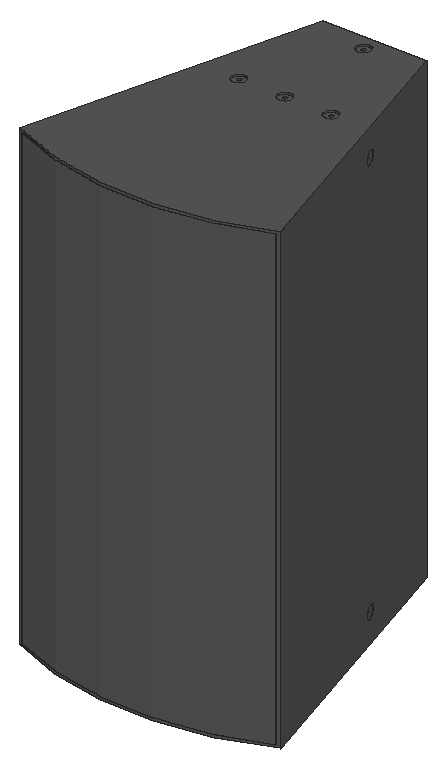
Revit family "1Electronics_Community-Point-Source_Biamp_Loudspeaker_IP8_1153", category Communication Devices, host Face, Revit 2020
Family settings
  Host = Face
  Maintain Annotation Orientation = No
  Round Connector Dimension = Use Diameter
  Part Type = Normal
  OmniClass Number = 23.85.10.11.14.14.14
  Cut with Voids When Loaded = No
  Shared = No
  Room Calculation Point = No
Parameters (values of type "Please download type catalogue!")
  Width = 1' - 10 13/128"  # constant formula
  Weight = 105.00 lbf  # constant formula
  URL = "https://www.biamp.com/"
  Transducers = "LF – 1 x 15 (381mm) neodymium motor woofer, 3 (76mm) voice coil, demodulation ring; MF - M200HP, 2 exit, ketone polymer diaphragm, compression driver; HF – 1 x 1.4 (36mm) exit neodymium compression driver, 2.6 (66mm) voice coil, demodulation ring, ketone polymer diaphragm"  # constant formula
  Shipping Weight = 124.00 lbf  # constant formula
  Recommended Amplifiers = "LF - 600W - 1200W @ 8 ohms, (69V - 98V); MF - 150W - 300W @ 8 ohms (35V - 49V); HF - 125W - 250W @ 8 ohms (32V - 45V); MF/HF - 275W - 550W @ 8 ohms (47V - 66V)"  # constant formula
  Product data url = "https://www.bimobject.com/biamp/product/ip8-1153_community-point-source"
  Product Page URL = "https://www.biamp.com/products/product-families/community/point-source#ip8-1153"
  Product Documentation Link = "https://www.biamp.com/products/product-families/community/point-source#ip8-1153"
  Operating Range = ""
  Operating Mode = "Biamp or Triamp with DSP"  # constant formula
  Operating Environment = "Indoor"  # constant formula
  Nominal Sensitivity = ""
  Nominal Maximum SPL (Whole Space) = ""
  Nominal Beamwidth (H x V) = ""
  Mounting Points = "15"  # constant formula
  Model = ""
  Manufacturer = "Biamp"  # constant formula
  Input Connection = "Screw terminal blocks (6-position)"  # constant formula
  Housing Material = Biamp - Plastic - Black
  Height = 3' - 3"  # constant formula
  Gril Material = Biamp - Plastic - Black(Grid)
  Equalized Sensitivity = "1W: 93 dB - 2.83V: 93 dB"  # constant formula
  Equalized Maximum SPL = "Peak: 127 dB - Continuous: 121 dB"  # constant formula
  Environmental = "MIL-STD-810G"  # constant formula
  Description = "IP8-1153 High Power 15-Inch Three-Way Installation Loudspeaker"  # constant formula
  Depth = 2' - 2.29921"  # constant formula
  Default Elevation = 4' - 0"
  Continuous Power Handling  Nominal Impedance = "LF - 69V, 600W @ 8 ohms (2400W peak); MF - 35V, 150W @ 8 ohms (600W peak); HF - 32V, 125W @ 8 ohms (500W peak); MF/HF - 47V, 275W @ 8 ohms (1100W peak)"  # constant formula
Reference planes (in)
  plane 1 "Center (Front/Back)": y = 0
  plane 2: z = 0
  plane 3 "Center (Left/Right)": x = 0
  plane 4: y = 9.59333
Forms (in)
  Extrusion 1, solid, material "Biamp - Plastic - Black" <- "Housing Material", detail levels medium+fine
    sketch origin (0.03809, 0, 0) x (1, 0, 0) y (0, 1, 0)
      loop
        arc (-11.08671, -14.10519) -> (-0.06094, -16.70646) -> (11.01191, -14.31345) r 25.69511
        line (11.01191, -14.31345) -> (4.20482, 9.59333) -> (-4.5268, 9.59333) -> (-11.08671, -14.10519)
    from 0 to 39
  Extrusion 2, void
    sketch origin (0.03809, -0.14197, 0) x (1, 0, 0) y (0, 1, 0)
      loop
        arc (10.67354, -14.10998) -> (-0.06104, -16.36763) -> (-10.75079, -13.90642) r 25.49826
        line (-10.75079, -13.90642) -> (-10.80409, -14.099)
        arc (-10.80409, -14.099) -> (-0.06025, -16.5645) -> (10.72802, -14.30135) r 25.69511
        line (10.72802, -14.30135) -> (10.67354, -14.10998)
    from 0.19685 to 38.80315
  Extrusion 3, void
    sketch origin (0, 0, 39) x (0, 1, 0) y (1, 0, 0)
      loop
        circle (0, -3.88574) r 0.59055
      loop
        circle (0, 0) r 0.59055
      loop
        circle (0, 3.88574) r 0.59055
      loop
        circle (8.26772, 0) r 0.59055
    from 0.09843 to 0
  Extrusion 4, void
    sketch origin (0, 0, 39) x (0, 1, 0) y (1, 0, 0)
      loop
        circle (0, -3.88574) r 0.15748
      loop
        circle (0, 0) r 0.15748
      loop
        circle (0, 3.88574) r 0.15748
      loop
        circle (8.26772, 0) r 0.15748
    from 0.19685 to 0.09843
  Extrusion 5, void
    sketch origin (4.55729, 8.48924, -0.11969) x (-0.27385, 0.961772, 0) y (0, 0, -1)
      loop
        circle (-8.43473, -2.47439) r 0.59055
      loop
        circle (-8.43473, -36.76499) r 0.59055
    from 0 to 0.09843
  Extrusion 6, void
    sketch origin (4.55729, 8.48924, -0.11969) x (-0.27385, 0.961772, 0) y (0, 0, -1)
      loop
        circle (-8.43473, -2.47439) r 0.15748
      loop
        circle (-8.43473, -36.76499) r 0.15748
    from 0.09843 to 0.19685
  Extrusion 7, void
    sketch origin (-9.2974, -7.77869, -0.01138) x (-0.266775, -0.963759, 0) y (0, 0, -1)
      loop
        circle (-8.58908, -2.3454) r 0.59055
      loop
        circle (-8.58908, -36.67736) r 0.59055
    from 0 to 0.09843
  Extrusion 8, void
    sketch origin (-9.2974, -7.77869, -0.01138) x (-0.266775, -0.963759, 0) y (0, 0, -1)
      loop
        circle (-8.58908, -2.3454) r 0.15748
      loop
        circle (-8.58908, -36.67736) r 0.15748
    from 0.09843 to 0.19685
  Extrusion 9, solid, material "Biamp - Plastic - Black(Grid)" <- "Gril Material", detail levels medium+fine
    sketch origin (0.03809, -0.14197, 0) x (1, 0, 0) y (0, 1, 0)
      loop
        arc (-10.8041, -14.09899) -> (-0.06025, -16.5645) -> (10.72802, -14.30135) r 25.69511
        line (10.72802, -14.30135) -> (10.67354, -14.10998)
        arc (10.67354, -14.10998) -> (-0.06104, -16.36763) -> (-10.75079, -13.90642) r 25.49826
        line (-10.75079, -13.90642) -> (-10.8041, -14.09899)
    from 0.19685 to 38.80315
  Extrusion 10, void
    sketch origin (-2.66499, 9.59333, 0) x (-1, 0, 0) y (0, 0, -1)
      loop
        circle (-2.65672, -19.5) r 0.59055
      loop
        circle (-2.65672, -2.39197) r 0.59055
      loop
        circle (-2.65672, -36.60803) r 0.59055
    from 0 to 0.09843
  Extrusion 11, void
    sketch origin (-2.66499, 9.59333, 0) x (-1, 0, 0) y (0, 0, -1)
      loop
        circle (-2.65672, -19.4623) r 0.15748
      loop
        circle (-2.65672, -2.39197) r 0.15748
      loop
        circle (-2.65672, -36.60803) r 0.15748
    from 0 to 0.19685
  Extrusion 12, void
    sketch origin (-2.66499, 9.59333, 0) x (-1, 0, 0) y (0, 0, -1)
      loop
        line (-4.83035, -12.09383) -> (-0.49964, -12.09383) -> (-0.49964, -5.00722) -> (-4.83035, -5.00722) -> (-4.83035, -12.09383)
    from 0 to 0.19685
  Extrusion 13, solid, material "Biamp - Plastic - Black" <- "Housing Material", detail levels medium+fine
    sketch origin (-2.66499, 9.59333, 0) x (1, 0, 0) y (0, 0, -1)
      loop
        line (0.49964, -12.09383) -> (4.83035, -12.09383) -> (4.83035, -5.00722) -> (0.49964, -5.00722) -> (0.49964, -12.09383)
    from 0 to -0.19685
  Extrusion 14, solid, material "Biamp - Plastic - Black" <- "Housing Material", detail levels coarse
    sketch origin (0.03809, 0, 0) x (1, 0, 0) y (0, 1, 0)
      loop
        line (-4.5268, 9.59333) -> (-11.08671, -14.1052)
        arc (-11.08671, -14.1052) -> (-0.06094, -16.70647) -> (11.01191, -14.31346) r 25.69511
        line (11.01191, -14.31346) -> (4.20482, 9.59333) -> (-4.5268, 9.59333)
    from 0 to 39
  Extrusion 15, solid, material "Biamp - Plastic - Black" <- "Housing Material", detail levels medium+fine
    sketch origin (-2.66499, 9.59333, 0) x (1, 0, 0) y (0, 0, -1)
      loop
        line (4.46661, -11.73413) -> (4.46661, -11.23413) -> (3.96661, -11.23413) -> (3.96661, -11.73413) -> (4.46661, -11.73413)
    from 0 to 0.00716
  Extrusion 16, solid, material "Biamp - Plastic - Black" <- "Housing Material", detail levels medium+fine
    sketch origin (-3.77935, 9.59333, -1) x (1, 0, 0) y (0, 0, -1)
      loop
        line (4.46661, -11.73413) -> (4.46661, -11.23413) -> (3.96661, -11.23413) -> (3.96661, -11.73413) -> (4.46661, -11.73413)
    from 0 to 0.00716
  Extrusion 17, solid, material "Biamp - Plastic - Black" <- "Housing Material", detail levels medium+fine
    sketch origin (-2.66499, 9.59333, -1) x (1, 0, 0) y (0, 0, -1)
      loop
        line (4.46661, -11.73413) -> (4.46661, -11.23413) -> (3.96661, -11.23413) -> (3.96661, -11.73413) -> (4.46661, -11.73413)
    from 0 to 0.00716
Cuts and joins
  Extrusion 2, Extrusion 3, Extrusion 4, Extrusion 5, Extrusion 6, Extrusion 7, Extrusion 8, Extrusion 10, Extrusion 11, Extrusion 12 cuts Extrusion 1
Lines and regions (in)
  Masking region 1
    outline origin (0.03809, 0, 0) x (1, 0, 0) y (0, 1, 0)
      loop
        line (-4.5268, 9.59333) -> (-11.08671, -14.1052)
        arc (-11.08671, -14.1052) -> (-0.06094, -16.70647) -> (11.01191, -14.31346) r 25.69511
        line (11.01191, -14.31346) -> (4.20482, 9.59333) -> (-4.5268, 9.59333)
  Masking region 2
    outline origin (0, 0, 0) x (1, 0, 0) y (0, 0, 1)
      loop
        line (-11.05208, 39) -> (-11.05208, 0) -> (11.01841, 0) -> (11.01841, 39) -> (-11.05208, 39)
  Masking region 3, detail levels medium+fine
    outline origin (0, 0, 0) x (1, 0, 0) y (0, 0, 1)
      loop
        line (-10.87184, 38.80315) -> (-10.87184, 0.19685) -> (10.83751, 0.19685) -> (10.83751, 38.80315) -> (-10.87184, 38.80315)
  Masking region 4
    outline origin (0, 0, 0) x (0, 1, 0) y (0, 0, 1)
      loop
        line (9.59333, 39) -> (-13.98009, 39) -> (-13.98009, 0) -> (9.59333, 0) -> (9.59333, 39)
  Masking region 5
    outline origin (0, 0, 0) x (0, 1, 0) y (0, 0, 1)
      loop
        line (-13.98009, 39) -> (-16.53543, 39) -> (-16.53543, 0) -> (-13.98009, 0) -> (-13.98009, 39)
  symbolic lines, detail levels medium+fine
    curve 1: arc (-0.59055, 8.26772, 0) -> (0, 7.67717, 0) -> (0.59055, 8.26772, 0) r 0.59055
    curve 2: arc (0.59055, 8.26772, 0) -> (0, 8.85827, 0) -> (-0.59055, 8.26772, 0) r 0.59055
    curve 3: arc (-0.59055, 0, 0) -> (0, -0.59055, 0) -> (0.59055, 0, 0) r 0.59055
    curve 4: arc (0.59055, 0, 0) -> (0, 0.59055, 0) -> (-0.59055, 0, 0) r 0.59055
    curve 5: arc (-3.29519, 0, 0) -> (-3.88574, 0.59055, 0) -> (-4.47629, 0, 0) r 0.59055
    curve 6: arc (-4.47629, 0, 0) -> (-3.88574, -0.59055, 0) -> (-3.29519, 0, 0) r 0.59055
    curve 7: arc (3.29519, 0, 0) -> (3.88574, -0.59055, 0) -> (4.47629, 0, 0) r 0.59055
    curve 8: arc (4.47629, 0, 0) -> (3.88574, 0.59055, 0) -> (3.29519, 0, 0) r 0.59055
    curve 9: arc (-0.15748, 0, 0) -> (0, -0.15748, 0) -> (0.15748, 0, 0) r 0.15748
    curve 10: arc (0.15748, 0, 0) -> (0, 0.15748, 0) -> (-0.15748, 0, 0) r 0.15748
    curve 11: arc (-4.04322, 0, 0) -> (-3.88574, -0.15748, 0) -> (-3.72826, 0, 0) r 0.15748
    curve 12: arc (-3.72826, 0, 0) -> (-3.88574, 0.15748, 0) -> (-4.04322, 0, 0) r 0.15748
    curve 13: arc (4.04322, 0, 0) -> (3.88574, 0.15748, 0) -> (3.72826, 0, 0) r 0.15748
    curve 14: arc (3.72826, 0, 0) -> (3.88574, -0.15748, 0) -> (4.04322, 0, 0) r 0.15748
    curve 15: arc (0.15748, 8.26772, 0) -> (0, 8.4252, 0) -> (-0.15748, 8.26772, 0) r 0.15748
    curve 16: arc (-0.15748, 8.26772, 0) -> (0, 8.11024, 0) -> (0.15748, 8.26772, 0) r 0.15748
    curve 17: spline (0, -0.10794, 2.33402) -> (0, -0.08855, 2.48687) -> (0, -0.03169, 2.62929) -> (0, 0.05876, 2.7516) -> (0, 0.17663, 2.84545) -> (0, 0.3139, 2.90445) -> (0, 0.46121, 2.92457) -> (0, 0.60851, 2.90445) -> (0, 0.74578, 2.84545) -> (0, 0.86366, 2.7516) -> (0, 0.9541, 2.62929) -> (0, 1.01096, 2.48687) -> (0, 1.03036, 2.33402)
    curve 18: spline (0, 1.03036, 2.33402) -> (0, 1.01096, 2.18117) -> (0, 0.9541, 2.03874) -> (0, 0.86366, 1.91644) -> (0, 0.74578, 1.82259) -> (0, 0.60851, 1.76359) -> (0, 0.46121, 1.74347) -> (0, 0.3139, 1.76359) -> (0, 0.17663, 1.82259) -> (0, 0.05876, 1.91644) -> (0, -0.03169, 2.03874) -> (0, -0.08855, 2.18117) -> (0, -0.10794, 2.33402)
    curve 19: spline (0, 0.58672, 2.33402) -> (0, 0.58155, 2.29326) -> (0, 0.56639, 2.25528) -> (0, 0.54227, 2.22266) -> (0, 0.51084, 2.19764) -> (0, 0.47423, 2.18191) -> (0, 0.43495, 2.17654) -> (0, 0.39567, 2.18191) -> (0, 0.35906, 2.19764) -> (0, 0.32763, 2.22266) -> (0, 0.30351, 2.25528) -> (0, 0.28835, 2.29326) -> (0, 0.28318, 2.33402)
    curve 20: spline (0, 0.28318, 2.33402) -> (0, 0.28835, 2.37478) -> (0, 0.30351, 2.41276) -> (0, 0.32763, 2.44537) -> (0, 0.35906, 2.4704) -> (0, 0.39567, 2.48613) -> (0, 0.43495, 2.4915) -> (0, 0.47423, 2.48613) -> (0, 0.51084, 2.4704) -> (0, 0.54227, 2.44537) -> (0, 0.56639, 2.41276) -> (0, 0.58155, 2.37478) -> (0, 0.58672, 2.33402)
    curve 21: spline (0, -0.10794, 36.66598) -> (0, -0.08855, 36.51313) -> (0, -0.03169, 36.37071) -> (0, 0.05876, 36.2484) -> (0, 0.17663, 36.15455) -> (0, 0.3139, 36.09555) -> (0, 0.46121, 36.07543) -> (0, 0.60851, 36.09555) -> (0, 0.74578, 36.15455) -> (0, 0.86366, 36.2484) -> (0, 0.9541, 36.37071) -> (0, 1.01096, 36.51313) -> (0, 1.03036, 36.66598)
    curve 22: spline (0, 1.03036, 36.66598) -> (0, 1.01096, 36.81883) -> (0, 0.9541, 36.96126) -> (0, 0.86366, 37.08356) -> (0, 0.74578, 37.17741) -> (0, 0.60851, 37.23641) -> (0, 0.46121, 37.25653) -> (0, 0.3139, 37.23641) -> (0, 0.17663, 37.17741) -> (0, 0.05876, 37.08356) -> (0, -0.03169, 36.96126) -> (0, -0.08855, 36.81883) -> (0, -0.10794, 36.66598)
    curve 23: spline (0, 0.58672, 36.66598) -> (0, 0.58155, 36.70674) -> (0, 0.56639, 36.74472) -> (0, 0.54227, 36.77734) -> (0, 0.51084, 36.80236) -> (0, 0.47423, 36.81809) -> (0, 0.43495, 36.82346) -> (0, 0.39567, 36.81809) -> (0, 0.35906, 36.80236) -> (0, 0.32763, 36.77734) -> (0, 0.30351, 36.74472) -> (0, 0.28835, 36.70674) -> (0, 0.28318, 36.66598)
    curve 24: spline (0, 0.28318, 36.66598) -> (0, 0.28835, 36.62522) -> (0, 0.30351, 36.58724) -> (0, 0.32763, 36.55463) -> (0, 0.35906, 36.5296) -> (0, 0.39567, 36.51387) -> (0, 0.43495, 36.5085) -> (0, 0.47423, 36.51387) -> (0, 0.51084, 36.5296) -> (0, 0.54227, 36.55463) -> (0, 0.56639, 36.58724) -> (0, 0.58155, 36.62522) -> (0, 0.58672, 36.66598)
Dimensions and locks (in)
  aligned and locked: plane 2 to host face
  aligned and locked: level to host face
Connectors (in)
  electrical at (1.55162, 9.60048, 11.48413)
    settings: on Extrusion 15, index 1, voltage 69 V, apparent load 0 VA, apparent load phase1 2400 VA, apparent load phase2 0 VA, apparent load phase3 0 VA, power factor 1, load classification "Other", number of poles 1, system type 5, power factor state 1, is connector primary yes, connector utility no, sub classification motor no, connector description "Screw terminal blocks; Biamp input"
  electrical at (0.43726, 9.60048, 10.48413)
    settings: on Extrusion 16, index 2, voltage 0 V, apparent load 0 VA, apparent load phase1 0 VA, apparent load phase2 0 VA, apparent load phase3 0 VA, power factor 1, load classification "Other", number of poles 1, system type 5, power factor state 1, is connector primary no, connector utility no, sub classification motor no, connector description "Screw terminal blocks; Triamp MF, HF input"
  electrical at (1.55162, 9.60048, 10.48413)
    settings: on Extrusion 17, index 3, voltage 69 V, apparent load 0 VA, apparent load phase1 2400 VA, apparent load phase2 0 VA, apparent load phase3 0 VA, power factor 1, load classification "Other", number of poles 1, system type 5, power factor state 1, is connector primary no, connector utility no, sub classification motor no, connector description "Screw terminal blocks; LF input"
